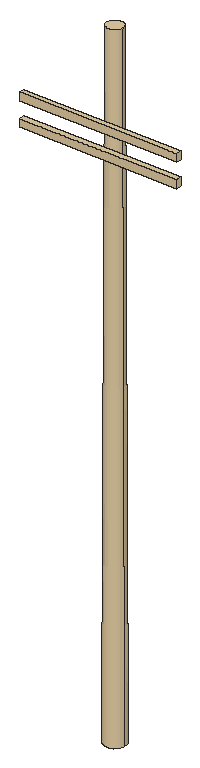
Revit family
Parameters (values of type "12.5 미터")
  길이 = 12500 mm
  반지름 = 200 mm
Types (3, lengths in mm): name | 길이 | 반지름
  (no name) | 12500 | 200
  21 미터 | 21000 | 280
  12.5 미터 | 12500 | 200
Reference planes
  plane 1 "중심(앞/뒤)": y = 0
  plane 2: z = 0
  plane 3 "중심(왼쪽/오른쪽)": x = 0
Forms (mm)
  Blend 1, solid, material "목재 - 소나무"
    base sketch origin (0, 0, 0) x (1, 0, 0) y (0, 1, 0)
      loop
        circle (0, 0) r 200
    top sketch origin (0, 0, 0) x (1, 0, 0) y (0, 1, 0)
      loop
        circle (0, 0) r 152.4
    from 0 to 12500
  Extrusion 2, solid, material "목재 - 소나무"
    sketch origin (0, 0, 12500) x (0, -1, 0) y (1, 0, 0)
      loop
        line (304.8, -1524) -> (406.4, -1524) -> (406.4, 1524) -> (304.8, 1524) -> (304.8, -1524)
    from -1524 to -1676.4
  Extrusion 3, solid, material "목재 - 소나무"
    sketch origin (0, 0, 12500) x (0, -1, 0) y (1, 0, 0)
      loop
        line (304.8, 1524) -> (304.8, -1524) -> (406.4, -1524) -> (406.4, 1524) -> (304.8, 1524)
    from -1981.2 to -2133.6
Dimensions and locks
  "길이": Blend 1 to plane 2
  "반지름": plane 3 "중심(왼쪽/오른쪽)" to Blend 1 sketch curve
Automatic sketch dimensions
  Blend 1 sketch curve to plane 1 "중심(앞/뒤)" = 0 mm  (x2)
  Blend 1 sketch curve to plane 3 "중심(왼쪽/오른쪽)" = 0 mm  (x2)
  Blend 1 sketch curve to plane 3 "중심(왼쪽/오른쪽)" = 152.4 mm
  plane 1 "중심(앞/뒤)" to Extrusion 2 sketch curve = 304.8 mm
  Extrusion 2 sketch curve to Extrusion 2 sketch curve = 101.6 mm
  Extrusion 2 sketch curve to plane 3 "중심(왼쪽/오른쪽)" = 1524 mm
  plane 3 "중심(왼쪽/오른쪽)" to Extrusion 2 sketch curve = 1524 mm
  plane 1 "중심(앞/뒤)" to Extrusion 3 sketch curve = 304.8 mm
  Extrusion 3 sketch curve to Extrusion 3 sketch curve = 101.6 mm
  Extrusion 3 sketch curve to plane 3 "중심(왼쪽/오른쪽)" = 1524 mm
  plane 3 "중심(왼쪽/오른쪽)" to Extrusion 3 sketch curve = 1524 mm
